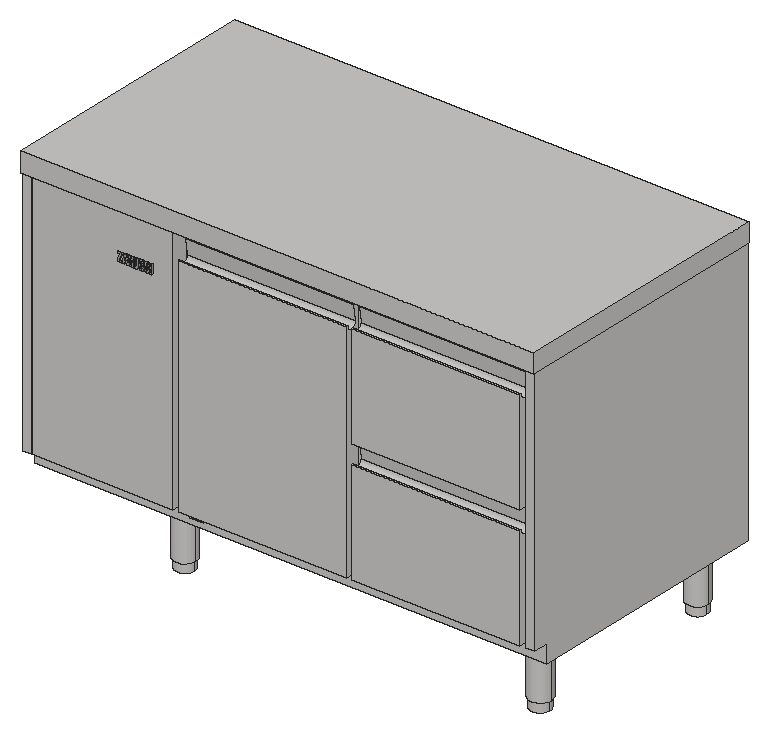
Revit family "QF_ZANUSSI_111025_ZH2HBAB", category Specialty Equipment, Revit 2018 (continued)
Definition of nested family "ZAN_Cooling Unit"
  Lines and regions (mm)
    Split face 125
      outline origin (55.016, 2, -245.129) x (0, 0, 1) y (-1, 0, 0)
        loop
          arc (510.649, 158.547) -> (506.648, 162.548) -> (502.647, 158.547) r 4.001
          line (502.647, 158.547) -> (502.647, 116.535)
          arc (502.647, 116.535) -> (506.648, 112.533) -> (510.649, 116.535) r 4.001
          line (510.649, 116.535) -> (510.649, 158.547)
    Split face 126
      outline origin (55.016, 2, -257.133) x (0, 0, 1) y (-1, 0, 0)
        loop
          arc (510.649, 158.547) -> (506.648, 162.548) -> (502.647, 158.547) r 4.001
          line (502.647, 158.547) -> (502.647, 116.535)
          arc (502.647, 116.535) -> (506.648, 112.533) -> (510.649, 116.535) r 4.001
          line (510.649, 116.535) -> (510.649, 158.547)
    Split face 127
      outline origin (55.016, 2, -269.136) x (0, 0, 1) y (-1, 0, 0)
        loop
          arc (510.649, 158.547) -> (506.648, 162.548) -> (502.647, 158.547) r 4.001
          line (502.647, 158.547) -> (502.647, 116.535)
          arc (502.647, 116.535) -> (506.648, 112.533) -> (510.649, 116.535) r 4.001
          line (510.649, 116.535) -> (510.649, 158.547)
    Split face 128
      outline origin (55.016, 2, -281.14) x (0, 0, 1) y (-1, 0, 0)
        loop
          arc (510.649, 158.547) -> (506.648, 162.548) -> (502.647, 158.547) r 4.001
          line (502.647, 158.547) -> (502.647, 116.535)
          arc (502.647, 116.535) -> (506.648, 112.533) -> (510.649, 116.535) r 4.001
          line (510.649, 116.535) -> (510.649, 158.547)
    Split face 129
      outline origin (55.016, 2, -293.144) x (0, 0, 1) y (-1, 0, 0)
        loop
          arc (510.649, 158.547) -> (506.648, 162.548) -> (502.647, 158.547) r 4.001
          line (502.647, 158.547) -> (502.647, 116.535)
          arc (502.647, 116.535) -> (506.648, 112.533) -> (510.649, 116.535) r 4.001
          line (510.649, 116.535) -> (510.649, 158.547)
    Split face 130
      outline origin (110.032, 2, -113.091) x (0, 0, 1) y (-1, 0, 0)
        loop
          arc (510.649, 158.547) -> (506.648, 162.548) -> (502.647, 158.547) r 4.001
          line (502.647, 158.547) -> (502.647, 116.535)
          arc (502.647, 116.535) -> (506.648, 112.533) -> (510.649, 116.535) r 4.001
          line (510.649, 116.535) -> (510.649, 158.547)
    Split face 131
      outline origin (110.032, 2, -125.094) x (0, 0, 1) y (-1, 0, 0)
        loop
          arc (510.649, 158.547) -> (506.648, 162.548) -> (502.647, 158.547) r 4.001
          line (502.647, 158.547) -> (502.647, 116.535)
          arc (502.647, 116.535) -> (506.648, 112.533) -> (510.649, 116.535) r 4.001
          line (510.649, 116.535) -> (510.649, 158.547)
    Split face 132
      outline origin (110.032, 2, -137.098) x (0, 0, 1) y (-1, 0, 0)
        loop
          arc (510.649, 158.547) -> (506.648, 162.548) -> (502.647, 158.547) r 4.001
          line (502.647, 158.547) -> (502.647, 116.535)
          arc (502.647, 116.535) -> (506.648, 112.533) -> (510.649, 116.535) r 4.001
          line (510.649, 116.535) -> (510.649, 158.547)
    Split face 133
      outline origin (110.032, 2, -149.101) x (0, 0, 1) y (-1, 0, 0)
        loop
          arc (510.649, 158.547) -> (506.648, 162.548) -> (502.647, 158.547) r 4.001
          line (502.647, 158.547) -> (502.647, 116.535)
          arc (502.647, 116.535) -> (506.648, 112.533) -> (510.649, 116.535) r 4.001
          line (510.649, 116.535) -> (510.649, 158.547)
    Split face 134
      outline origin (110.032, 2, -161.105) x (0, 0, 1) y (-1, 0, 0)
        loop
          arc (510.649, 158.547) -> (506.648, 162.548) -> (502.647, 158.547) r 4.001
          line (502.647, 158.547) -> (502.647, 116.535)
          arc (502.647, 116.535) -> (506.648, 112.533) -> (510.649, 116.535) r 4.001
          line (510.649, 116.535) -> (510.649, 158.547)
    Split face 135
      outline origin (110.032, 2, -173.108) x (0, 0, 1) y (-1, 0, 0)
        loop
          arc (510.649, 158.547) -> (506.648, 162.548) -> (502.647, 158.547) r 4.001
          line (502.647, 158.547) -> (502.647, 116.535)
          arc (502.647, 116.535) -> (506.648, 112.533) -> (510.649, 116.535) r 4.001
          line (510.649, 116.535) -> (510.649, 158.547)
    Split face 136
      outline origin (110.032, 2, -185.112) x (0, 0, 1) y (-1, 0, 0)
        loop
          arc (510.649, 158.547) -> (506.648, 162.548) -> (502.647, 158.547) r 4.001
          line (502.647, 158.547) -> (502.647, 116.535)
          arc (502.647, 116.535) -> (506.648, 112.533) -> (510.649, 116.535) r 4.001
          line (510.649, 116.535) -> (510.649, 158.547)
    Split face 137
      outline origin (110.032, 2, -197.115) x (0, 0, 1) y (-1, 0, 0)
        loop
          arc (510.649, 158.547) -> (506.648, 162.548) -> (502.647, 158.547) r 4.001
          line (502.647, 158.547) -> (502.647, 116.535)
          arc (502.647, 116.535) -> (506.648, 112.533) -> (510.649, 116.535) r 4.001
          line (510.649, 116.535) -> (510.649, 158.547)
    Split face 138
      outline origin (110.032, 2, -209.119) x (0, 0, 1) y (-1, 0, 0)
        loop
          arc (510.649, 158.547) -> (506.648, 162.548) -> (502.647, 158.547) r 4.001
          line (502.647, 158.547) -> (502.647, 116.535)
          arc (502.647, 116.535) -> (506.648, 112.533) -> (510.649, 116.535) r 4.001
          line (510.649, 116.535) -> (510.649, 158.547)
    Split face 139
      outline origin (110.032, 2, -221.122) x (0, 0, 1) y (-1, 0, 0)
        loop
          arc (510.649, 158.547) -> (506.648, 162.548) -> (502.647, 158.547) r 4.001
          line (502.647, 158.547) -> (502.647, 116.535)
          arc (502.647, 116.535) -> (506.648, 112.533) -> (510.649, 116.535) r 4.001
          line (510.649, 116.535) -> (510.649, 158.547)
    Split face 140
      outline origin (110.032, 2, -233.126) x (0, 0, 1) y (-1, 0, 0)
        loop
          arc (510.649, 158.547) -> (506.648, 162.548) -> (502.647, 158.547) r 4.001
          line (502.647, 158.547) -> (502.647, 116.535)
          arc (502.647, 116.535) -> (506.648, 112.533) -> (510.649, 116.535) r 4.001
          line (510.649, 116.535) -> (510.649, 158.547)
    Split face 141
      outline origin (110.032, 2, -245.129) x (0, 0, 1) y (-1, 0, 0)
        loop
          arc (510.649, 158.547) -> (506.648, 162.548) -> (502.647, 158.547) r 4.001
          line (502.647, 158.547) -> (502.647, 116.535)
          arc (502.647, 116.535) -> (506.648, 112.533) -> (510.649, 116.535) r 4.001
          line (510.649, 116.535) -> (510.649, 158.547)
    Split face 142
      outline origin (110.032, 2, -257.133) x (0, 0, 1) y (-1, 0, 0)
        loop
          arc (510.649, 158.547) -> (506.648, 162.548) -> (502.647, 158.547) r 4.001
          line (502.647, 158.547) -> (502.647, 116.535)
          arc (502.647, 116.535) -> (506.648, 112.533) -> (510.649, 116.535) r 4.001
          line (510.649, 116.535) -> (510.649, 158.547)
    Split face 143
      outline origin (110.032, 2, -269.136) x (0, 0, 1) y (-1, 0, 0)
        loop
          arc (510.649, 158.547) -> (506.648, 162.548) -> (502.647, 158.547) r 4.001
          line (502.647, 158.547) -> (502.647, 116.535)
          arc (502.647, 116.535) -> (506.648, 112.533) -> (510.649, 116.535) r 4.001
          line (510.649, 116.535) -> (510.649, 158.547)
    Split face 144
      outline origin (110.032, 2, -281.14) x (0, 0, 1) y (-1, 0, 0)
        loop
          arc (510.649, 158.547) -> (506.648, 162.548) -> (502.647, 158.547) r 4.001
          line (502.647, 158.547) -> (502.647, 116.535)
          arc (502.647, 116.535) -> (506.648, 112.533) -> (510.649, 116.535) r 4.001
          line (510.649, 116.535) -> (510.649, 158.547)
    Split face 145
      outline origin (110.032, 2, -293.144) x (0, 0, 1) y (-1, 0, 0)
        loop
          arc (510.649, 158.547) -> (506.648, 162.548) -> (502.647, 158.547) r 4.001
          line (502.647, 158.547) -> (502.647, 116.535)
          arc (502.647, 116.535) -> (506.648, 112.533) -> (510.649, 116.535) r 4.001
          line (510.649, 116.535) -> (510.649, 158.547)
    Split face 146
      outline origin (165.048, 2, -113.091) x (0, 0, 1) y (-1, 0, 0)
        loop
          arc (510.649, 158.547) -> (506.648, 162.548) -> (502.647, 158.547) r 4.001
          line (502.647, 158.547) -> (502.647, 116.535)
          arc (502.647, 116.535) -> (506.648, 112.533) -> (510.649, 116.535) r 4.001
          line (510.649, 116.535) -> (510.649, 158.547)
    Split face 147
      outline origin (165.048, 2, -125.094) x (0, 0, 1) y (-1, 0, 0)
        loop
          arc (510.649, 158.547) -> (506.648, 162.548) -> (502.647, 158.547) r 4.001
          line (502.647, 158.547) -> (502.647, 116.535)
          arc (502.647, 116.535) -> (506.648, 112.533) -> (510.649, 116.535) r 4.001
          line (510.649, 116.535) -> (510.649, 158.547)
    Split face 148
      outline origin (165.048, 2, -137.098) x (0, 0, 1) y (-1, 0, 0)
        loop
          arc (510.649, 158.547) -> (506.648, 162.548) -> (502.647, 158.547) r 4.001
          line (502.647, 158.547) -> (502.647, 116.535)
          arc (502.647, 116.535) -> (506.648, 112.533) -> (510.649, 116.535) r 4.001
          line (510.649, 116.535) -> (510.649, 158.547)
    Split face 149
      outline origin (165.048, 2, -149.101) x (0, 0, 1) y (-1, 0, 0)
        loop
          arc (510.649, 158.547) -> (506.648, 162.548) -> (502.647, 158.547) r 4.001
          line (502.647, 158.547) -> (502.647, 116.535)
          arc (502.647, 116.535) -> (506.648, 112.533) -> (510.649, 116.535) r 4.001
          line (510.649, 116.535) -> (510.649, 158.547)
    Split face 150
      outline origin (165.048, 2, -161.105) x (0, 0, 1) y (-1, 0, 0)
        loop
          arc (510.649, 158.547) -> (506.648, 162.548) -> (502.647, 158.547) r 4.001
          line (502.647, 158.547) -> (502.647, 116.535)
          arc (502.647, 116.535) -> (506.648, 112.533) -> (510.649, 116.535) r 4.001
          line (510.649, 116.535) -> (510.649, 158.547)
    Split face 151
      outline origin (165.048, 2, -173.108) x (0, 0, 1) y (-1, 0, 0)
        loop
          arc (510.649, 158.547) -> (506.648, 162.548) -> (502.647, 158.547) r 4.001
          line (502.647, 158.547) -> (502.647, 116.535)
          arc (502.647, 116.535) -> (506.648, 112.533) -> (510.649, 116.535) r 4.001
          line (510.649, 116.535) -> (510.649, 158.547)
    Split face 152
      outline origin (165.048, 2, -185.112) x (0, 0, 1) y (-1, 0, 0)
        loop
          arc (510.649, 158.547) -> (506.648, 162.548) -> (502.647, 158.547) r 4.001
          line (502.647, 158.547) -> (502.647, 116.535)
          arc (502.647, 116.535) -> (506.648, 112.533) -> (510.649, 116.535) r 4.001
          line (510.649, 116.535) -> (510.649, 158.547)
    Split face 153
      outline origin (165.048, 2, -197.115) x (0, 0, 1) y (-1, 0, 0)
        loop
          arc (510.649, 158.547) -> (506.648, 162.548) -> (502.647, 158.547) r 4.001
          line (502.647, 158.547) -> (502.647, 116.535)
          arc (502.647, 116.535) -> (506.648, 112.533) -> (510.649, 116.535) r 4.001
          line (510.649, 116.535) -> (510.649, 158.547)
    Split face 154
      outline origin (165.048, 2, -209.119) x (0, 0, 1) y (-1, 0, 0)
        loop
          arc (510.649, 158.547) -> (506.648, 162.548) -> (502.647, 158.547) r 4.001
          line (502.647, 158.547) -> (502.647, 116.535)
          arc (502.647, 116.535) -> (506.648, 112.533) -> (510.649, 116.535) r 4.001
          line (510.649, 116.535) -> (510.649, 158.547)
    Split face 155
      outline origin (165.048, 2, -221.122) x (0, 0, 1) y (-1, 0, 0)
        loop
          arc (510.649, 158.547) -> (506.648, 162.548) -> (502.647, 158.547) r 4.001
          line (502.647, 158.547) -> (502.647, 116.535)
          arc (502.647, 116.535) -> (506.648, 112.533) -> (510.649, 116.535) r 4.001
          line (510.649, 116.535) -> (510.649, 158.547)
    Split face 156
      outline origin (165.048, 2, -233.126) x (0, 0, 1) y (-1, 0, 0)
        loop
          arc (510.649, 158.547) -> (506.648, 162.548) -> (502.647, 158.547) r 4.001
          line (502.647, 158.547) -> (502.647, 116.535)
          arc (502.647, 116.535) -> (506.648, 112.533) -> (510.649, 116.535) r 4.001
          line (510.649, 116.535) -> (510.649, 158.547)
    Split face 157
      outline origin (165.048, 2, -245.129) x (0, 0, 1) y (-1, 0, 0)
        loop
          arc (510.649, 158.547) -> (506.648, 162.548) -> (502.647, 158.547) r 4.001
          line (502.647, 158.547) -> (502.647, 116.535)
          arc (502.647, 116.535) -> (506.648, 112.533) -> (510.649, 116.535) r 4.001
          line (510.649, 116.535) -> (510.649, 158.547)
    Split face 158
      outline origin (165.048, 2, -257.133) x (0, 0, 1) y (-1, 0, 0)
        loop
          arc (510.649, 158.547) -> (506.648, 162.548) -> (502.647, 158.547) r 4.001
          line (502.647, 158.547) -> (502.647, 116.535)
          arc (502.647, 116.535) -> (506.648, 112.533) -> (510.649, 116.535) r 4.001
          line (510.649, 116.535) -> (510.649, 158.547)
    Split face 159
      outline origin (165.048, 2, -269.136) x (0, 0, 1) y (-1, 0, 0)
        loop
          arc (510.649, 158.547) -> (506.648, 162.548) -> (502.647, 158.547) r 4.001
          line (502.647, 158.547) -> (502.647, 116.535)
          arc (502.647, 116.535) -> (506.648, 112.533) -> (510.649, 116.535) r 4.001
          line (510.649, 116.535) -> (510.649, 158.547)
    Split face 160
      outline origin (165.048, 2, -281.14) x (0, 0, 1) y (-1, 0, 0)
        loop
          arc (510.649, 158.547) -> (506.648, 162.548) -> (502.647, 158.547) r 4.001
          line (502.647, 158.547) -> (502.647, 116.535)
          arc (502.647, 116.535) -> (506.648, 112.533) -> (510.649, 116.535) r 4.001
          line (510.649, 116.535) -> (510.649, 158.547)
    Split face 161
      outline origin (165.048, 2, -293.144) x (0, 0, 1) y (-1, 0, 0)
        loop
          arc (510.649, 158.547) -> (506.648, 162.548) -> (502.647, 158.547) r 4.001
          line (502.647, 158.547) -> (502.647, 116.535)
          arc (502.647, 116.535) -> (506.648, 112.533) -> (510.649, 116.535) r 4.001
          line (510.649, 116.535) -> (510.649, 158.547)
    Split face 162
      outline origin (220.064, 2, -113.091) x (0, 0, 1) y (-1, 0, 0)
        loop
          arc (510.649, 158.547) -> (506.648, 162.548) -> (502.647, 158.547) r 4.001
          line (502.647, 158.547) -> (502.647, 116.535)
          arc (502.647, 116.535) -> (506.648, 112.533) -> (510.649, 116.535) r 4.001
          line (510.649, 116.535) -> (510.649, 158.547)
    Split face 163
      outline origin (220.064, 2, -125.094) x (0, 0, 1) y (-1, 0, 0)
        loop
          arc (510.649, 158.547) -> (506.648, 162.548) -> (502.647, 158.547) r 4.001
          line (502.647, 158.547) -> (502.647, 116.535)
          arc (502.647, 116.535) -> (506.648, 112.533) -> (510.649, 116.535) r 4.001
          line (510.649, 116.535) -> (510.649, 158.547)
    Split face 164
      outline origin (220.064, 2, -137.098) x (0, 0, 1) y (-1, 0, 0)
        loop
          arc (510.649, 158.547) -> (506.648, 162.548) -> (502.647, 158.547) r 4.001
          line (502.647, 158.547) -> (502.647, 116.535)
          arc (502.647, 116.535) -> (506.648, 112.533) -> (510.649, 116.535) r 4.001
          line (510.649, 116.535) -> (510.649, 158.547)
    Split face 165
      outline origin (220.064, 2, -149.101) x (0, 0, 1) y (-1, 0, 0)
        loop
          arc (510.649, 158.547) -> (506.648, 162.548) -> (502.647, 158.547) r 4.001
          line (502.647, 158.547) -> (502.647, 116.535)
          arc (502.647, 116.535) -> (506.648, 112.533) -> (510.649, 116.535) r 4.001
          line (510.649, 116.535) -> (510.649, 158.547)
    Split face 166
      outline origin (220.064, 2, -161.105) x (0, 0, 1) y (-1, 0, 0)
        loop
          arc (510.649, 158.547) -> (506.648, 162.548) -> (502.647, 158.547) r 4.001
          line (502.647, 158.547) -> (502.647, 116.535)
          arc (502.647, 116.535) -> (506.648, 112.533) -> (510.649, 116.535) r 4.001
          line (510.649, 116.535) -> (510.649, 158.547)
    Split face 167
      outline origin (220.064, 2, -173.108) x (0, 0, 1) y (-1, 0, 0)
        loop
          arc (510.649, 158.547) -> (506.648, 162.548) -> (502.647, 158.547) r 4.001
          line (502.647, 158.547) -> (502.647, 116.535)
          arc (502.647, 116.535) -> (506.648, 112.533) -> (510.649, 116.535) r 4.001
          line (510.649, 116.535) -> (510.649, 158.547)
    Split face 168
      outline origin (220.064, 2, -185.112) x (0, 0, 1) y (-1, 0, 0)
        loop
          arc (510.649, 158.547) -> (506.648, 162.548) -> (502.647, 158.547) r 4.001
          line (502.647, 158.547) -> (502.647, 116.535)
          arc (502.647, 116.535) -> (506.648, 112.533) -> (510.649, 116.535) r 4.001
          line (510.649, 116.535) -> (510.649, 158.547)
    Split face 169
      outline origin (220.064, 2, -197.115) x (0, 0, 1) y (-1, 0, 0)
        loop
          arc (510.649, 158.547) -> (506.648, 162.548) -> (502.647, 158.547) r 4.001
          line (502.647, 158.547) -> (502.647, 116.535)
          arc (502.647, 116.535) -> (506.648, 112.533) -> (510.649, 116.535) r 4.001
          line (510.649, 116.535) -> (510.649, 158.547)
    Split face 170
      outline origin (220.064, 2, -209.119) x (0, 0, 1) y (-1, 0, 0)
        loop
          arc (510.649, 158.547) -> (506.648, 162.548) -> (502.647, 158.547) r 4.001
          line (502.647, 158.547) -> (502.647, 116.535)
          arc (502.647, 116.535) -> (506.648, 112.533) -> (510.649, 116.535) r 4.001
          line (510.649, 116.535) -> (510.649, 158.547)
    Split face 171
      outline origin (220.064, 2, -221.122) x (0, 0, 1) y (-1, 0, 0)
        loop
          arc (510.649, 158.547) -> (506.648, 162.548) -> (502.647, 158.547) r 4.001
          line (502.647, 158.547) -> (502.647, 116.535)
          arc (502.647, 116.535) -> (506.648, 112.533) -> (510.649, 116.535) r 4.001
          line (510.649, 116.535) -> (510.649, 158.547)
    Split face 172
      outline origin (220.064, 2, -233.126) x (0, 0, 1) y (-1, 0, 0)
        loop
          arc (510.649, 158.547) -> (506.648, 162.548) -> (502.647, 158.547) r 4.001
          line (502.647, 158.547) -> (502.647, 116.535)
          arc (502.647, 116.535) -> (506.648, 112.533) -> (510.649, 116.535) r 4.001
          line (510.649, 116.535) -> (510.649, 158.547)
    Split face 173
      outline origin (220.064, 2, -245.129) x (0, 0, 1) y (-1, 0, 0)
        loop
          arc (510.649, 158.547) -> (506.648, 162.548) -> (502.647, 158.547) r 4.001
          line (502.647, 158.547) -> (502.647, 116.535)
          arc (502.647, 116.535) -> (506.648, 112.533) -> (510.649, 116.535) r 4.001
          line (510.649, 116.535) -> (510.649, 158.547)
    Split face 174
      outline origin (220.064, 2, -257.133) x (0, 0, 1) y (-1, 0, 0)
        loop
          arc (510.649, 158.547) -> (506.648, 162.548) -> (502.647, 158.547) r 4.001
          line (502.647, 158.547) -> (502.647, 116.535)
          arc (502.647, 116.535) -> (506.648, 112.533) -> (510.649, 116.535) r 4.001
          line (510.649, 116.535) -> (510.649, 158.547)
    Split face 175
      outline origin (220.064, 2, -269.136) x (0, 0, 1) y (-1, 0, 0)
        loop
          arc (510.649, 158.547) -> (506.648, 162.548) -> (502.647, 158.547) r 4.001
          line (502.647, 158.547) -> (502.647, 116.535)
          arc (502.647, 116.535) -> (506.648, 112.533) -> (510.649, 116.535) r 4.001
          line (510.649, 116.535) -> (510.649, 158.547)
    Split face 176
      outline origin (220.064, 2, -281.14) x (0, 0, 1) y (-1, 0, 0)
        loop
          arc (510.649, 158.547) -> (506.648, 162.548) -> (502.647, 158.547) r 4.001
          line (502.647, 158.547) -> (502.647, 116.535)
          arc (502.647, 116.535) -> (506.648, 112.533) -> (510.649, 116.535) r 4.001
          line (510.649, 116.535) -> (510.649, 158.547)
    Split face 177
      outline origin (220.064, 2, -293.144) x (0, 0, 1) y (-1, 0, 0)
        loop
          arc (510.649, 158.547) -> (506.648, 162.548) -> (502.647, 158.547) r 4.001
          line (502.647, 158.547) -> (502.647, 116.535)
          arc (502.647, 116.535) -> (506.648, 112.533) -> (510.649, 116.535) r 4.001
          line (510.649, 116.535) -> (510.649, 158.547)
    Split face 178
      outline origin (275.081, 2, -113.091) x (0, 0, 1) y (-1, 0, 0)
        loop
          arc (510.649, 158.547) -> (506.648, 162.548) -> (502.647, 158.547) r 4.001
          line (502.647, 158.547) -> (502.647, 116.535)
          arc (502.647, 116.535) -> (506.648, 112.533) -> (510.649, 116.535) r 4.001
          line (510.649, 116.535) -> (510.649, 158.547)
    Split face 179
      outline origin (275.081, 2, -125.094) x (0, 0, 1) y (-1, 0, 0)
        loop
          arc (510.649, 158.547) -> (506.648, 162.548) -> (502.647, 158.547) r 4.001
          line (502.647, 158.547) -> (502.647, 116.535)
          arc (502.647, 116.535) -> (506.648, 112.533) -> (510.649, 116.535) r 4.001
          line (510.649, 116.535) -> (510.649, 158.547)
    Split face 180
      outline origin (275.081, 2, -137.098) x (0, 0, 1) y (-1, 0, 0)
        loop
          arc (510.649, 158.547) -> (506.648, 162.548) -> (502.647, 158.547) r 4.001
          line (502.647, 158.547) -> (502.647, 116.535)
          arc (502.647, 116.535) -> (506.648, 112.533) -> (510.649, 116.535) r 4.001
          line (510.649, 116.535) -> (510.649, 158.547)
    Split face 181
      outline origin (275.081, 2, -149.101) x (0, 0, 1) y (-1, 0, 0)
        loop
          arc (510.649, 158.547) -> (506.648, 162.548) -> (502.647, 158.547) r 4.001
          line (502.647, 158.547) -> (502.647, 116.535)
          arc (502.647, 116.535) -> (506.648, 112.533) -> (510.649, 116.535) r 4.001
          line (510.649, 116.535) -> (510.649, 158.547)
    Split face 182
      outline origin (275.081, 2, -161.105) x (0, 0, 1) y (-1, 0, 0)
        loop
          arc (510.649, 158.547) -> (506.648, 162.548) -> (502.647, 158.547) r 4.001
          line (502.647, 158.547) -> (502.647, 116.535)
          arc (502.647, 116.535) -> (506.648, 112.533) -> (510.649, 116.535) r 4.001
          line (510.649, 116.535) -> (510.649, 158.547)
    Split face 183
      outline origin (275.081, 2, -173.108) x (0, 0, 1) y (-1, 0, 0)
        loop
          arc (510.649, 158.547) -> (506.648, 162.548) -> (502.647, 158.547) r 4.001
          line (502.647, 158.547) -> (502.647, 116.535)
          arc (502.647, 116.535) -> (506.648, 112.533) -> (510.649, 116.535) r 4.001
          line (510.649, 116.535) -> (510.649, 158.547)
    Split face 184
      outline origin (275.081, 2, -185.112) x (0, 0, 1) y (-1, 0, 0)
        loop
          arc (510.649, 158.547) -> (506.648, 162.548) -> (502.647, 158.547) r 4.001
          line (502.647, 158.547) -> (502.647, 116.535)
          arc (502.647, 116.535) -> (506.648, 112.533) -> (510.649, 116.535) r 4.001
          line (510.649, 116.535) -> (510.649, 158.547)
    Split face 185
      outline origin (275.081, 2, -197.115) x (0, 0, 1) y (-1, 0, 0)
        loop
          arc (510.649, 158.547) -> (506.648, 162.548) -> (502.647, 158.547) r 4.001
          line (502.647, 158.547) -> (502.647, 116.535)
          arc (502.647, 116.535) -> (506.648, 112.533) -> (510.649, 116.535) r 4.001
          line (510.649, 116.535) -> (510.649, 158.547)
    Split face 186
      outline origin (275.081, 2, -209.119) x (0, 0, 1) y (-1, 0, 0)
        loop
          arc (510.649, 158.547) -> (506.648, 162.548) -> (502.647, 158.547) r 4.001
          line (502.647, 158.547) -> (502.647, 116.535)
          arc (502.647, 116.535) -> (506.648, 112.533) -> (510.649, 116.535) r 4.001
          line (510.649, 116.535) -> (510.649, 158.547)
    Split face 187
      outline origin (275.081, 2, -221.122) x (0, 0, 1) y (-1, 0, 0)
        loop
          arc (510.649, 158.547) -> (506.648, 162.548) -> (502.647, 158.547) r 4.001
          line (502.647, 158.547) -> (502.647, 116.535)
          arc (502.647, 116.535) -> (506.648, 112.533) -> (510.649, 116.535) r 4.001
          line (510.649, 116.535) -> (510.649, 158.547)
    Split face 188
      outline origin (275.081, 2, -233.126) x (0, 0, 1) y (-1, 0, 0)
        loop
          arc (510.649, 158.547) -> (506.648, 162.548) -> (502.647, 158.547) r 4.001
          line (502.647, 158.547) -> (502.647, 116.535)
          arc (502.647, 116.535) -> (506.648, 112.533) -> (510.649, 116.535) r 4.001
          line (510.649, 116.535) -> (510.649, 158.547)
    Split face 189
      outline origin (275.081, 2, -245.129) x (0, 0, 1) y (-1, 0, 0)
        loop
          arc (510.649, 158.547) -> (506.648, 162.548) -> (502.647, 158.547) r 4.001
          line (502.647, 158.547) -> (502.647, 116.535)
          arc (502.647, 116.535) -> (506.648, 112.533) -> (510.649, 116.535) r 4.001
          line (510.649, 116.535) -> (510.649, 158.547)
    Split face 190
      outline origin (275.081, 2, -257.133) x (0, 0, 1) y (-1, 0, 0)
        loop
          arc (510.649, 158.547) -> (506.648, 162.548) -> (502.647, 158.547) r 4.001
          line (502.647, 158.547) -> (502.647, 116.535)
          arc (502.647, 116.535) -> (506.648, 112.533) -> (510.649, 116.535) r 4.001
          line (510.649, 116.535) -> (510.649, 158.547)
    Split face 191
      outline origin (275.081, 2, -269.136) x (0, 0, 1) y (-1, 0, 0)
        loop
          arc (510.649, 158.547) -> (506.648, 162.548) -> (502.647, 158.547) r 4.001
          line (502.647, 158.547) -> (502.647, 116.535)
          arc (502.647, 116.535) -> (506.648, 112.533) -> (510.649, 116.535) r 4.001
          line (510.649, 116.535) -> (510.649, 158.547)
    Split face 192
      outline origin (275.081, 2, -281.14) x (0, 0, 1) y (-1, 0, 0)
        loop
          arc (510.649, 158.547) -> (506.648, 162.548) -> (502.647, 158.547) r 4.001
          line (502.647, 158.547) -> (502.647, 116.535)
          arc (502.647, 116.535) -> (506.648, 112.533) -> (510.649, 116.535) r 4.001
          line (510.649, 116.535) -> (510.649, 158.547)
    Split face 193
      outline origin (275.081, 2, -293.144) x (0, 0, 1) y (-1, 0, 0)
        loop
          arc (510.649, 158.547) -> (506.648, 162.548) -> (502.647, 158.547) r 4.001
          line (502.647, 158.547) -> (502.647, 116.535)
          arc (502.647, 116.535) -> (506.648, 112.533) -> (510.649, 116.535) r 4.001
          line (510.649, 116.535) -> (510.649, 158.547)
    Split face 194
      outline origin (0, 2, 197) x (0, 0, 1) y (-1, 0, 0)
        loop
          spline (566.835, 20.381) -> (564.628, 19.058) -> (561.987, 18.027) -> (558.955, 17.386) -> (555.581, 17.244) -> (551.912, 17.703) -> (547.993, 18.863) -> (543.871, 20.83) -> (539.591, 23.706) -> (535.202, 27.594) -> (530.748, 32.597) -> (526.28, 38.824) -> (521.835, 46.362)
        loop
          spline (521.835, 58.392) -> (525.386, 49.242) -> (529.197, 41.481) -> (533.2, 35.023) -> (537.329, 29.786) -> (541.516, 25.684) -> (545.695, 22.634) -> (549.798, 20.552) -> (553.759, 19.355) -> (557.511, 18.958) -> (560.984, 19.275) -> (564.115, 20.227) -> (566.835, 21.726)
    Split face 195
      outline origin (0, 2, 197) x (0, 0, 1) y (-1, 0, 0)
        loop
          line (555.835, 149.5) -> (532.835, 149.5) -> (532.835, 94.5) -> (555.835, 94.5) -> (555.835, 149.5)
  Dimensions and locks
    aligned and locked: level to plane 2
  Nested families
    nested 1: "ZAN_Logo_S_Grey" at (85, 2, 741.213) x (1, 0, 0) z (0, -1, 0), visible <- "Show Logo", type "ZAN_Logo_S_Grey"
  Definition of nested family "ZAN_Logo_S_Grey"
    Parameters
      Default Elevation = 0 mm
    Reference planes
      plane 1 "Centro (Fronte/Retro)": y = 0
      plane 2: z = 0
      plane 3 "Centro (Sinistra/Destra)": x = 0
    Forms (mm)
      Extrusion 1, solid
        sketch origin (0, 0, 0) x (1, 0, 0) y (0, 1, 0)
          loop
            line (-1219.2, 1219.2) -> (-1219.2, -1219.2) -> (1219.2, -1219.2) -> (1219.2, 1219.2) -> (-1219.2, 1219.2)
        from 0 to -304.8
      Extrusion 2, solid
        sketch origin (17.793, -46.218, 0) x (-1, 0, 0) y (0, -1, 0)
          loop
            spline (-4.176, -58.079) -> (-3.496, -58.328) -> (-2.793, -58.512) -> (-2.075, -58.63) -> (-1.348, -58.682) -> (-0.619, -58.669) -> (0.106, -58.588) -> (0.818, -58.44) -> (1.512, -58.225) -> (2.18, -57.941) -> (2.817, -57.589) -> (3.414, -57.167) -> (3.966, -56.676)
            spline (3.966, -56.676) -> (4.293, -56.162) -> (4.575, -55.61) -> (4.81, -55.026) -> (5, -54.419) -> (5.146, -53.797) -> (5.247, -53.166) -> (5.304, -52.536) -> (5.318, -51.913) -> (5.288, -51.306) -> (5.217, -50.723) -> (5.103, -50.17) -> (4.949, -49.657)
            line (4.949, -49.657) -> (2.702, -46.428) -> (0.316, -44.323)
            spline (0.316, -44.323) -> (0.065, -44.115) -> (-0.195, -43.909) -> (-0.46, -43.704) -> (-0.729, -43.496) -> (-0.997, -43.282) -> (-1.263, -43.059) -> (-1.523, -42.825) -> (-1.774, -42.576) -> (-2.013, -42.309) -> (-2.238, -42.022) -> (-2.445, -41.712) -> (-2.632, -41.375)
            spline (-2.632, -41.375) -> (-2.666, -41.159) -> (-2.697, -40.934) -> (-2.722, -40.701) -> (-2.736, -40.465) -> (-2.736, -40.227) -> (-2.72, -39.989) -> (-2.682, -39.754) -> (-2.621, -39.524) -> (-2.533, -39.302) -> (-2.414, -39.091) -> (-2.261, -38.892) -> (-2.07, -38.708)
            line (-2.07, -38.708) -> (-0.245, -38.567)
            spline (-0.245, -38.567) -> (0.096, -38.8) -> (0.354, -39.074) -> (0.54, -39.381) -> (0.664, -39.716) -> (0.738, -40.073) -> (0.772, -40.445) -> (0.777, -40.825) -> (0.763, -41.208) -> (0.742, -41.588) -> (0.723, -41.957) -> (0.718, -42.309) -> (0.737, -42.638)
            line (0.737, -42.638) -> (5.65, -42.638)
            spline (5.65, -42.638) -> (5.708, -42.042) -> (5.741, -41.448) -> (5.747, -40.857) -> (5.723, -40.273) -> (5.668, -39.696) -> (5.58, -39.129) -> (5.457, -38.574) -> (5.297, -38.032) -> (5.098, -37.506) -> (4.857, -36.997) -> (4.574, -36.508) -> (4.247, -36.041)
            spline (4.247, -36.041) -> (3.844, -35.675) -> (3.409, -35.35) -> (2.946, -35.065) -> (2.458, -34.819) -> (1.949, -34.612) -> (1.421, -34.444) -> (0.88, -34.314) -> (0.326, -34.221) -> (-0.234, -34.165) -> (-0.8, -34.146) -> (-1.366, -34.163) -> (-1.93, -34.216)
            spline (-1.93, -34.216) -> (-2.526, -34.309) -> (-3.116, -34.448) -> (-3.695, -34.633) -> (-4.259, -34.861) -> (-4.801, -35.131) -> (-5.316, -35.444) -> (-5.799, -35.798) -> (-6.245, -36.191) -> (-6.648, -36.624) -> (-7.002, -37.095) -> (-7.303, -37.603) -> (-7.545, -38.146)
            spline (-7.545, -38.146) -> (-7.694, -38.815) -> (-7.792, -39.487) -> (-7.839, -40.158) -> (-7.836, -40.824) -> (-7.785, -41.482) -> (-7.685, -42.129) -> (-7.539, -42.762) -> (-7.347, -43.377) -> (-7.111, -43.97) -> (-6.83, -44.538) -> (-6.506, -45.078) -> (-6.141, -45.586)
            line (-6.141, -45.586) -> (-0.526, -50.64) -> (0.176, -51.482)
            spline (0.176, -51.482) -> (0.248, -51.66) -> (0.323, -51.843) -> (0.397, -52.03) -> (0.467, -52.22) -> (0.529, -52.412) -> (0.579, -52.605) -> (0.615, -52.798) -> (0.633, -52.989) -> (0.63, -53.179) -> (0.601, -53.366) -> (0.545, -53.55) -> (0.456, -53.728)
            spline (0.456, -53.728) -> (0.375, -53.892) -> (0.273, -54.034) -> (0.154, -54.155) -> (0.02, -54.258) -> (-0.126, -54.343) -> (-0.28, -54.412) -> (-0.441, -54.466) -> (-0.604, -54.508) -> (-0.767, -54.537) -> (-0.928, -54.556) -> (-1.082, -54.567) -> (-1.228, -54.57)
            line (-1.228, -54.57) -> (-2.632, -53.587) -> (-2.772, -50.64) -> (-7.405, -50.64)
            spline (-7.405, -50.64) -> (-7.41, -51.031) -> (-7.423, -51.432) -> (-7.44, -51.839) -> (-7.456, -52.251) -> (-7.469, -52.665) -> (-7.475, -53.079) -> (-7.468, -53.489) -> (-7.446, -53.894) -> (-7.404, -54.291) -> (-7.339, -54.679) -> (-7.247, -55.053) -> (-7.123, -55.412)
            spline (-7.123, -55.412) -> (-6.999, -55.693) -> (-6.837, -55.97) -> (-6.643, -56.244) -> (-6.422, -56.509) -> (-6.177, -56.765) -> (-5.913, -57.009) -> (-5.634, -57.238) -> (-5.346, -57.45) -> (-5.051, -57.643) -> (-4.755, -57.814) -> (-4.462, -57.96) -> (-4.176, -58.079)
          loop
            spline (-21.021, -55.552) -> (-20.633, -56.181) -> (-20.177, -56.736) -> (-19.661, -57.217) -> (-19.092, -57.627) -> (-18.478, -57.966) -> (-17.827, -58.237) -> (-17.147, -58.441) -> (-16.446, -58.578) -> (-15.73, -58.652) -> (-15.009, -58.662) -> (-14.29, -58.611) -> (-13.581, -58.5)
            spline (-13.581, -58.5) -> (-13.088, -58.407) -> (-12.595, -58.269) -> (-12.109, -58.088) -> (-11.636, -57.866) -> (-11.183, -57.605) -> (-10.756, -57.307) -> (-10.361, -56.974) -> (-10.004, -56.608) -> (-9.692, -56.211) -> (-9.431, -55.784) -> (-9.228, -55.33) -> (-9.089, -54.851)
            spline (-9.089, -54.851) -> (-8.873, -54.211) -> (-8.715, -53.559) -> (-8.615, -52.901) -> (-8.574, -52.241) -> (-8.592, -51.585) -> (-8.668, -50.938) -> (-8.802, -50.306) -> (-8.995, -49.693) -> (-9.247, -49.106) -> (-9.557, -48.55) -> (-9.925, -48.03) -> (-10.352, -47.551)
            line (-10.352, -47.551) -> (-15.546, -42.919) -> (-16.669, -41.234)
            spline (-16.669, -41.234) -> (-16.704, -41.021) -> (-16.735, -40.804) -> (-16.761, -40.583) -> (-16.778, -40.361) -> (-16.784, -40.139) -> (-16.774, -39.919) -> (-16.748, -39.701) -> (-16.7, -39.488) -> (-16.63, -39.28) -> (-16.533, -39.08) -> (-16.406, -38.889) -> (-16.248, -38.708)
            line (-16.248, -38.708) -> (-14.844, -38.427)
            spline (-14.844, -38.427) -> (-14.347, -38.545) -> (-13.969, -38.749) -> (-13.695, -39.028) -> (-13.508, -39.368) -> (-13.393, -39.757) -> (-13.335, -40.182) -> (-13.318, -40.63) -> (-13.326, -41.089) -> (-13.344, -41.546) -> (-13.356, -41.988) -> (-13.347, -42.403) -> (-13.3, -42.779)
            line (-13.3, -42.779) -> (-8.387, -42.638)
            spline (-8.387, -42.638) -> (-8.326, -42.034) -> (-8.288, -41.417) -> (-8.277, -40.794) -> (-8.299, -40.169) -> (-8.357, -39.548) -> (-8.457, -38.936) -> (-8.604, -38.339) -> (-8.803, -37.762) -> (-9.058, -37.21) -> (-9.375, -36.689) -> (-9.758, -36.204) -> (-10.212, -35.76)
            spline (-10.212, -35.76) -> (-10.793, -35.336) -> (-11.409, -34.976) -> (-12.054, -34.679) -> (-12.723, -34.445) -> (-13.409, -34.273) -> (-14.107, -34.163) -> (-14.811, -34.115) -> (-15.515, -34.127) -> (-16.213, -34.2) -> (-16.899, -34.333) -> (-17.568, -34.526) -> (-18.213, -34.777)
            spline (-18.213, -34.777) -> (-18.496, -34.897) -> (-18.783, -35.044) -> (-19.071, -35.216) -> (-19.357, -35.412) -> (-19.639, -35.629) -> (-19.915, -35.865) -> (-20.182, -36.119) -> (-20.438, -36.389) -> (-20.681, -36.672) -> (-20.907, -36.967) -> (-21.115, -37.272) -> (-21.301, -37.585)
            spline (-21.301, -37.585) -> (-21.55, -38.26) -> (-21.734, -38.948) -> (-21.854, -39.647) -> (-21.91, -40.351) -> (-21.901, -41.057) -> (-21.828, -41.761) -> (-21.69, -42.459) -> (-21.489, -43.148) -> (-21.222, -43.823) -> (-20.892, -44.48) -> (-20.497, -45.116) -> (-20.038, -45.726)
            line (-20.038, -45.726) -> (-14.142, -51.061) -> (-13.44, -52.886) -> (-14.002, -54.289) -> (-15.265, -54.57) -> (-16.669, -53.587) -> (-16.81, -50.78) -> (-21.582, -50.64)
            spline (-21.582, -50.64) -> (-21.558, -51.063) -> (-21.55, -51.491) -> (-21.554, -51.92) -> (-21.561, -52.35) -> (-21.567, -52.778) -> (-21.565, -53.201) -> (-21.547, -53.619) -> (-21.509, -54.029) -> (-21.444, -54.43) -> (-21.345, -54.818) -> (-21.206, -55.193) -> (-21.021, -55.552)
          loop
            line (-22.424, -34.216) -> (-27.337, -34.216) -> (-27.337, -58.22) -> (-22.424, -58.22) -> (-22.424, -34.216)
          loop
            line (14.213, -39.971) -> (14.213, -58.22) -> (19.126, -58.22) -> (19.126, -42.077) -> (18.845, -38.146) -> (18.424, -37.164) -> (17.442, -35.9) -> (16.459, -35.199) -> (14.494, -34.356) -> (13.511, -34.216) -> (11.265, -34.216) -> (10.142, -34.497) -> (8.458, -35.479) -> (6.493, -38.287) -> (6.352, -39.269) -> (6.352, -58.22) -> (11.265, -58.22) -> (11.265, -40.392) -> (11.827, -39.129) -> (13.371, -38.988) -> (14.213, -39.971)
          loop
            line (20.249, -58.22) -> (24.741, -58.22) -> (24.741, -42.919) -> (28.812, -58.22) -> (34.006, -58.22) -> (34.006, -34.216) -> (29.654, -34.216) -> (29.654, -50.078) -> (25.583, -34.216) -> (20.249, -34.216) -> (20.249, -58.22)
          loop
            line (50.149, -58.22) -> (62.361, -58.22) -> (62.361, -53.728) -> (55.904, -53.868) -> (62.923, -39.129) -> (62.923, -34.216) -> (50.149, -34.216) -> (50.149, -39.129) -> (57.517, -39.129) -> (50.149, -54.149) -> (50.149, -58.22)
          loop
            line (38.778, -58.22) -> (45.516, -58.22) -> (49.868, -34.216) -> (44.814, -34.216) -> (44.113, -38.848) -> (40.042, -38.848) -> (39.34, -34.216) -> (34.286, -34.216) -> (38.778, -58.22)
          loop
            line (43.551, -43.2) -> (40.744, -43.2) -> (42.147, -54.117) -> (43.551, -43.2)
        from 0 to 1.644
    Dimensions and locks
      aligned and locked: plane 2 to Extrusion 1
      aligned and locked: level to Extrusion 1
Definition of nested family "Refrigerator"
  Reference planes
    plane 1 "Center (Front/Back)": y = 0
    plane 2: z = 0
    plane 3 "Center (Left/Right)": x = 0
  Lines and regions (mm)
    detail lines, in view "Ref. Level"
      curve 1: spline (-500, 190, 0) -> (-493.185, 166.706, 0) -> (-473.205, 145, 0) -> (-441.421, 126.36, 0) -> (-400, 112.058, 0) -> (-351.764, 103.067, 0) -> (-300, 100, 0) -> (-248.236, 103.067, 0) -> (-200, 112.058, 0) -> (-158.579, 126.36, 0) -> (-126.795, 145, 0) -> (-106.815, 166.706, 0) -> (-100, 190, 0) -> (-106.815, 213.294, 0) -> (-126.795, 235, 0) -> (-158.579, 253.64, 0) -> (-200, 267.942, 0) -> (-248.236, 276.933, 0) -> (-300, 280, 0) -> (-351.764, 276.933, 0) -> (-400, 267.942, 0) -> (-441.421, 253.64, 0) -> (-473.205, 235, 0) -> (-493.185, 213.294, 0) -> (-500, 190, 0)
      curve 2: line (-300, 130, 0) -> (-300, 250, 0)
      curve 3: line (-351.962, 220, 0) -> (-248.038, 160, 0)
      curve 4: line (-351.962, 160, 0) -> (-248.038, 220, 0)
      curve 5: line (-280.884, 246.873, 0) -> (-300, 225, 0)
      curve 6: line (-300, 225, 0) -> (-319.116, 246.873, 0)
      curve 7: line (-330.311, 207.5, 0) -> (-339.696, 234.992, 0)
      curve 8: line (-358.812, 201.882, 0) -> (-330.311, 207.5, 0)
      curve 9: line (-330.311, 172.5, 0) -> (-358.812, 178.118, 0)
      curve 10: line (-339.696, 145.008, 0) -> (-330.311, 172.5, 0)
      curve 11: line (-300, 155, 0) -> (-319.116, 133.127, 0)
      curve 12: line (-280.884, 133.127, 0) -> (-300, 155, 0)
      curve 13: line (-269.689, 172.5, 0) -> (-260.304, 145.008, 0)
      curve 14: line (-241.188, 178.118, 0) -> (-269.689, 172.5, 0)
      curve 15: line (-269.689, 207.5, 0) -> (-241.188, 201.882, 0)
      curve 16: line (-260.304, 234.992, 0) -> (-269.689, 207.5, 0)
